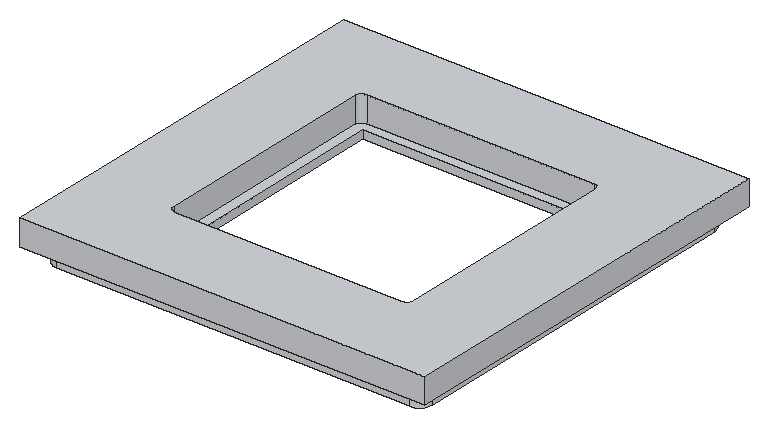
Revit family "Gira_0211122", category Electrical Fixtures, host Face, Revit 2017
Family settings
  Host = Face
  Maintain Annotation Orientation = No
  Round Connector Dimension = Use Diameter
  Part Type = Normal
  Cut with Voids When Loaded = No
  Shared = No
  Room Calculation Point = No
Parameters (values of type "Abdeckrahmen 1f Gira Esprit G Umbra")
  Werkstoffgüte = "Echtglas"
  Werkstoff = "Glas"
  URL = "http://katalog.gira.de/de_DE/datenblatt.html?artikelnr=0211122"
  Transparent = "No"
  Textfeld/Beschriftungsfläche = "No"
  Schutzart (IP) = "IP20"
  Region = "DE"
  Oberfläche = "sonstige"
  Name = "Abdeckrahmen 1f Gira Esprit G Umbra"
  Montagerichtung = "horizontal und vertikal"
  Mit Montagerahmen = "No"
  Mit Klappdeckel = "No"
  Manufacturer URL = "https://www.gira.de/"
  Keynote = "Espr._Rahmen_1fach"
  HeinzeBIM = "https://bimportal.heinze.de/bim/abdeckrahmen-1f-gira-esprit-g-umbra/1af249a61737557a7fbf4584bef46b949680cb7d"
  Halogenfrei = "No"
  HAN = "0211122"
  Geeignet für Unterputz-Installation = "Yes"
  Geeignet für Unterflurkanaldose = "No"
  Geeignet für Geräteeinbaukanal = "No"
  Geeignet für Einbauinstallation = "No"
  GTIN = "4010337076339"
  Farbe = "braun"
  Default Elevation = 1219.2 mm
  Data sheet (1) = "https://katalog.gira.de/de_DE/download.html?artikelnr=0211122"
  Category = "Abdeckrahmen"
  Befestigungsart = "Klemmbefestigung"
  Available = "Yes"
  Anzahl der Einheiten vertikal = "1 "
  Anzahl der Einheiten horizontal = "1 "
  Anzahl der Einheiten = "1 "
Reference planes
  plane 1 "Center (Front/Back)": y = 0
  plane 2: z = 0
  plane 3 "Center (Left/Right)": x = 0
Forms (mm)
  Extrusion 1, solid, detail levels fine
    sketch origin (0, 0, 0) x (1, 0, 0) y (0, 1, 0)
      loop
        line (-47.5, 47.5) -> (-47.5, -47.5) -> (47.5, -47.5) -> (47.5, 47.5) -> (-47.5, 47.5)
      loop
        arc (-28.2, -26.7) -> (-27.761, -27.761) -> (-26.7, -28.2) r 1.5
        line (-26.7, -28.2) -> (26.7, -28.2)
        arc (26.7, -28.2) -> (27.761, -27.761) -> (28.2, -26.7) r 1.5
        line (28.2, -26.7) -> (28.2, 26.7)
        arc (28.2, 26.7) -> (27.761, 27.761) -> (26.7, 28.2) r 1.5
        line (26.7, 28.2) -> (-26.7, 28.2)
        arc (-26.7, 28.2) -> (-27.761, 27.761) -> (-28.2, 26.7) r 1.5
        line (-28.2, 26.7) -> (-28.2, -26.7)
    from 0 to 6
  Extrusion 2, solid, detail levels fine
    sketch origin (0, 0, 0) x (1, 0, 0) y (0, 1, 0)
      loop
        line (-25.7, -25.7) -> (25.7, -25.7) -> (25.7, 25.7) -> (-25.7, 25.7) -> (-25.7, -25.7)
      loop
        arc (-43.1, -41.3) -> (-42.573, -42.573) -> (-41.3, -43.1) r 1.8
        line (-41.3, -43.1) -> (41.3, -43.1)
        arc (41.3, -43.1) -> (42.573, -42.573) -> (43.1, -41.3) r 1.8
        line (43.1, -41.3) -> (43.1, 41.3)
        arc (43.1, 41.3) -> (42.573, 42.573) -> (41.3, 43.1) r 1.8
        line (41.3, 43.1) -> (-41.3, 43.1)
        arc (-41.3, 43.1) -> (-42.573, 42.573) -> (-43.1, 41.3) r 1.8
        line (-43.1, 41.3) -> (-43.1, -41.3)
    from -1.9 to 0
  Extrusion 3, solid, detail levels fine
    sketch origin (0, 0, 0) x (1, 0, 0) y (0, 1, 0)
      loop
        arc (-41.4, 44.4) -> (-43.521, 43.521) -> (-44.4, 41.4) r 3
        line (-44.4, 41.4) -> (-44.4, -41.4)
        arc (-44.4, -41.4) -> (-43.521, -43.521) -> (-41.4, -44.4) r 3
        line (-41.4, -44.4) -> (41.4, -44.4)
        arc (41.4, -44.4) -> (43.521, -43.521) -> (44.4, -41.4) r 3
        line (44.4, -41.4) -> (44.4, 41.4)
        arc (44.4, 41.4) -> (43.521, 43.521) -> (41.4, 44.4) r 3
        line (41.4, 44.4) -> (-41.4, 44.4)
      loop
        line (-43.1, 41.3) -> (-43.1, -41.3)
        arc (-43.1, -41.3) -> (-42.573, -42.573) -> (-41.3, -43.1) r 1.8
        line (-41.3, -43.1) -> (41.3, -43.1)
        arc (41.3, -43.1) -> (42.573, -42.573) -> (43.1, -41.3) r 1.8
        line (43.1, -41.3) -> (43.1, 41.3)
        arc (43.1, 41.3) -> (42.573, 42.573) -> (41.3, 43.1) r 1.8
        line (41.3, 43.1) -> (-41.3, 43.1)
        arc (-41.3, 43.1) -> (-42.573, 42.573) -> (-43.1, 41.3) r 1.8
    from -3.7 to 0
  Extrusion 4, solid, detail levels medium
    sketch origin (0, 0, 0) x (1, 0, 0) y (0, 1, 0)
      loop
        line (-47.5, 47.5) -> (-47.5, -47.5) -> (47.5, -47.5) -> (47.5, 47.5) -> (-47.5, 47.5)
    from 0 to 6
  Extrusion 5, solid, detail levels medium
    sketch origin (0, 0, 0) x (1, 0, 0) y (0, 1, 0)
      loop
        line (-44.4, 44.4) -> (-44.4, -44.4) -> (44.4, -44.4) -> (44.4, 44.4) -> (-44.4, 44.4)
    from -3.7 to 0
  Extrusion 6, solid, detail levels coarse
    sketch origin (0, 0, 0) x (1, 0, 0) y (0, 1, 0)
      loop
        line (-47.5, 47.5) -> (-47.5, -47.5) -> (47.5, -47.5) -> (47.5, 47.5) -> (-47.5, 47.5)
    from -3.7 to 6
Dimensions and locks
  aligned and locked: plane 2 to host face
  aligned and locked: level to host face
